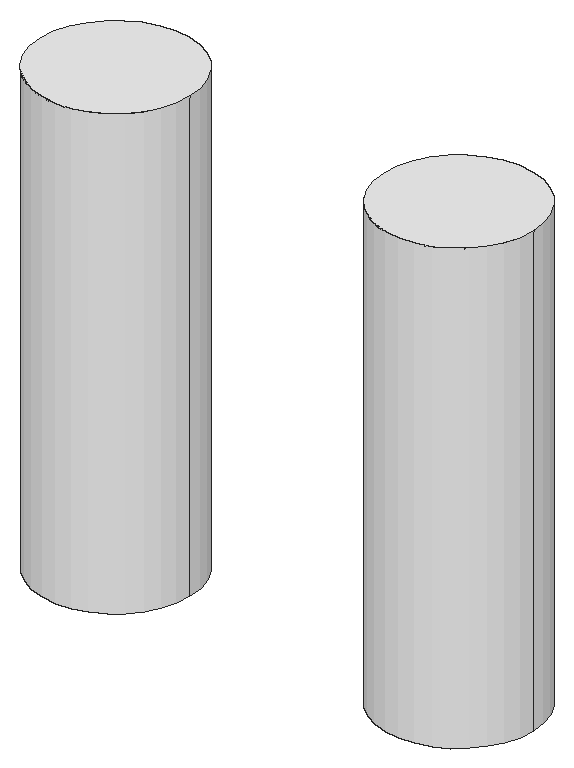
Revit family "92702219(2023)", category Plumbing Fixtures, Revit 2020
Family settings
  Round Connector Dimension = Use Diameter
  Part Type = Normal
  OmniClass Number = 23.45.55.00
  OmniClass Title = Sanitary Faucets, Wastes
  Work Plane-Based = No
  Always vertical = Yes
  Cut with Voids When Loaded = No
  Shared = No
  Room Calculation Point = No
Parameters (values of type "92702219 Washbasin faucet, 3 V, Bluetooth")
  Working Pressure = "100 - 1000 kPa"
  WarrantyStartDate [instance] = "n/a"
  WarrantyGuarantorParts = "n/a"
  WarrantyGuarantorLabor = "n/a"
  WarrantyDurationUnit = "Year"
  WarrantyDurationParts = "n/a"
  WarrantyDurationLabor = "n/a"
  WarrantyDescription = "http://warranty.hansa.com"
  Warranty Information URL = "http://warranty.hansa.com"
  VersionDate = "01/06/2023"
  Version = "1"
  ValvePattern = "n/a"
  ValveOperation = "n/a"
  ValveMechanism = "n/a"
  Uniclass2015Reference = "Pr_40_20_87_96"
  Uniclass2015Description = "Washbasin manual water supply sets"
  Uniclass2 = "Pr_40_30_96_96"
  URL WEEE = "http://static.hansa.com/WEEE/92702219"
  URL UWL = "http://static.hansa.com/UWL/92702219"
  URL REACH = "http://static.hansa.com/doc/reach"
  URL Materials Declaration = "http://www.hansa.com/fileadmin/resources/183268_92702219_materialsdeclaration.pdf"
  URL EcoLabel Declaration = "http://static.hansa.com/doc/EcoLabel"
  URL EU Packaging Declaration = "http://static.hansa.com/doc/packaging"
  URL Declaration of SCIP = "http://static.hansa.com/doc/SCIP"
  URL Declaration of Conformity = "http://static.hansa.com/DoC/92702219"
  URL Declaration of Asbestos = "http://static.hansa.com/doc/asbestos"
  URL Declaration Of Performance (DOP) = "http://static.hansa.com/doc/DoP"
  URL = ""
  UNSPSC Class Number = "30181700 Faucets or taps"
  Type Comments = ""
  TestPressure = "n/a"
  Temperature Adjustments = "Adjustable hot water stop (included, retrofittable)"
  Technical DataSheet URL = "http://www.hansa.com/datasheet/92702219/en"
  TagNumber [instance] = "n/a"
  SustainabilityPerformance = "n/a"
  Surface treatment = "Chrome"
  Spout Type = "Fixed spout"
  Spout Projection = "123 mm"
  Size = "70x170x135 mm"
  Shape = "Sculptured"
  SerialNumber [instance] = "n/a"
  Sales Package dimensions (LxWxH) = "284 x 191 x 83.5"
  Revision = "n/a"
  ReplacementCost = "n/a"
  Protection Class = "IP 55"
  ProductInformation = "n/a"
  Product URL = "http://static.hansa.com/92702219"
  Product Image URL = "http://static.hansa.com/image/92702219"
  Product Family = "HANSAELECTRA Digital"
  Product Code = "92702219"
  OperatingMechanismMaterial = "n/a"
  Operating Voltage = 39 V
  Operating Distance = "20-130 mm (110/130/160 mm)"
  NominalWidth = 68.942 mm
  NominalHeight = 135.012 mm
  NominalDepth = 167.912 mm
  Noise Class = "I (ISO 3822) "
  Name_en = "92702219 Washbasin faucet, 3 V, Bluetooth"
  Name = "92702219 Washbasin faucet, 3 V, Bluetooth"
  NBSReference = "45-35-70/371"
  NBSDescription = "Water supply fittings for wash basins and troughs"
  Mounting Holes = "1 hole"
  ModelReference = "92702219"
  ModelNumber = "n/a"
  Model = "92702219 Washbasin faucet, 3 V, Bluetooth"
  Mobile Product Information URL = "http://mpi.hansa.com/92702219"
  Mechanical Parts = "Mixing valve for manual temperature control;Non-return valve(s);Litter filter(s)"
  Max. Hot Water Supply = 70 °C
  Max Flow Period = "2 min (1 - 1800 s)"
  Material = "Brass"
  Market = "International;Germany;Austria;Switzerland;Belgium;Netherlands;Italy"
  ManufacturerURL = "http://www.hansa.com"
  ManufacturerName = "HANSA"
  Manufacturer = "HANSA"
  Long Marketing = "Electra 92 series give you a clean classic design with beautiful round body flowing into round spout design with a clear design line framing the faucet design.\nA Classic design for any installation.\n\nKey Features\nAerator with Tilt function +/- 10° for more flexible installation\nNewest Sensor technology for better detection and operation comfort\nBluetooth technology for easy adjustment to personalize settings \nAntiscalding protection\nTemperature measurement\nDigital Network Service\nBattery and power cable"
  Lever Handle = "Temperature control handle"
  Keynote = ""
  InstallationDate [instance] = "n/a"
  Installation Type = "Deck mounted"
  InletConnectionSize = 10 mm
  IfcExportType = "FAUCET"  # constant formula
  IfcExportAs = "IfcValveType"  # constant formula
  Group = "Washbasin faucet"
  Grade = "n/a"
  FlowCoefficient = 0
  Flow Rate At 300kPa With Flow Controller = 0.09 L/s
  Flow Drawing URL = "http://static.hansa.com/flowchart/92702219"
  Finish = "Polished"
  Features = "Touchless;Battery-operated;External transformer;Bluetooth®"
  FaucetMainMaterial = Brass
  FDV Document URL = "http://www.hansa.com/datasheet/92702219/en/fdv"
  ExpectedLife = "n/a"
  Electronic Parts = ";Light indicated function(s);Low battery indicator"
  Electrical Connection = "9 V"
  ETIM Class Number = "EC010340 Electronic tap"
  EN Standard = "EN 15091"
  EMC Directive = "2014/53/EU , 2011/65/EU"
  EAN Number = "4057304019456"
  DurationUnit = "Year"
  Dimension Drawing URL = "http://static.hansa.com/dimdrw/92702219"
  Description = ""
  DefaultElevation [instance] = 900 mm
  Default Elevation = 0 mm
  Constituents = "n/a"
  Connection Size = "G3/8"
  Connection = "Flexible inlet pipes"
  Color = "Chrome"
  CodePerformance = "n/a"
  CloseOffRating = 0
  Catalog Drawing URL = "http://static.hansa.com/catdrw/92702219"
  Brand = "HANSA"
  BodyMaterial = "Brass"
  Bluetooth = "5.x (D060576)"
  Battery = "AA 1.5 V Lithium x 2"
  Barcode [instance] = "n/a"
  Backflow Prevention EN1717 = "AA"
  BIMObjectName = "92702219(2023)"
  Automatic Flush Period = "30 s (1-1800 s)"
  Automatic Flush Frequency = "off (off/1-120 h)"
  Author = "BIMStone"
  AssetType = "Fixed"
  AssetIdentifier [instance] = "n/a"
  Afterflow Period = "3 s (1-20 s)"
  Aerator = "PCA® - constant flow rate regardless of pressure variations;Adjustable flow angle"
  Advanced Features = "3S-installation system for safe and simple mounting"
  AccessibilityPerformance = "n/a"
  2D/3D/BIM Files URL = "http://static.hansa.com/bim/92702219"
Reference planes
  plane 1 "Center (Front/Back)": y = 0
  plane 2: z = 0
  plane 3 "Center (Left/Right)": x = 0
  plane 4: x = -27.96
  plane 5: z = 900
  plane 6: z = 870
  plane 7: y = -167.912
  plane 8: x = 27.96
  plane 9: z = 1035.012
  plane 10: x = 40.982
Forms (mm)
  Extrusion 1, solid, material "Brass" <- "FaucetMainMaterial"
    sketch origin (0, -2.393, 0) x (1, 0, 0) y (0, 1, 0)
      loop
        circle (-11.5, -22.5) r 5
      loop
        circle (11.5, -22.5) r 5
    from 870 to 900
Dimensions and locks
  "DefaultElevation": plane 5 to level
  locked: plane 5 to plane 6 at 30
  "NominalDepth": plane 7 to plane 1 "Center (Front/Back)"
  equal spacing: plane 4, plane 3 "Center (Left/Right)", plane 8
  "NominalHeight": plane 9 to plane 5
  locked: plane 8 to plane 10 at 13.022
  "NominalWidth": plane 4 to plane 10
  "InletConnectionSize": diameter of Extrusion 1 sketch curve  (x2)
  aligned and locked: level to plane 2
  aligned and locked: plane 5 to Extrusion 1
  aligned and locked: Extrusion 1 to plane 6
  aligned and locked: plane 1 "Center (Front/Back)" to nested 2
  aligned and locked: plane 3 "Center (Left/Right)" to nested 2
  aligned and locked: plane 3 "Center (Left/Right)" to nested 1
  aligned and locked: plane 1 "Center (Front/Back)" to nested 1
  aligned and locked: plane 5 to nested 2
Automatic sketch dimensions
  Extrusion 1 sketch curve to plane 3 "Center (Left/Right)" = 11.5 mm
  plane 3 "Center (Left/Right)" to Extrusion 1 sketch curve = 11.5 mm
  plane 1 "Center (Front/Back)" to Extrusion 1 sketch curve = 24.893 mm
  Extrusion 1 sketch curve to Extrusion 1 sketch curve = 0 mm
Nested families
  nested 1: "Symbol" at (0, 0, 0), type "Symbol", detail levels coarse
  nested 2: "92702219(2023)_Body" at (0, 0, 900), Material <- "FaucetMainMaterial", type "92702219(2023)_Body"
    with Material Brass
Connectors
  piping at (-11.5, -24.893, 870), diameter 10, driven by "InletConnectionSize"
    settings: on Extrusion 1, index 1, connector inside diameter 609.6 mm, connector length 0 mm, flow factor 0, pipe flow 0.2 L/s, pressure drop 0.0 Pa, fitting loss kfactor 0, connector angle 0.00°, fixture units 0, engagement length 0 mm, angle of deflection 0.00°, flow configuration 1, flow direction 1, fitting loss method 0, system type 19, joint type 0, gender type 0, connector reference index -1, connector utility 0, adjustable connector no, is connector primary yes, connector description ""
  piping at (11.5, -24.893, 870), diameter 10, driven by "InletConnectionSize"
    settings: on Extrusion 1, index 2, connector inside diameter 609.6 mm, connector length 0 mm, flow factor 0, pipe flow 0.2 L/s, pressure drop 0.0 Pa, fitting loss kfactor 0, connector angle 0.00°, fixture units 0, engagement length 0 mm, angle of deflection 0.00°, flow configuration 1, flow direction 1, fitting loss method 0, system type 20, joint type 0, gender type 0, connector reference index -1, connector utility 0, adjustable connector no, is connector primary no, connector description ""
Definition of nested family "Symbol"
  Reference planes
    plane 1: y = 0
    plane 2: x = 0
  Lines and regions (mm)
    detail lines
      curve 1: line (0, 0, 0) -> (0, -1.8, 0)
      curve 2: line (-0.4, -1.1, 0) -> (0.4, -1.1, 0)
      curve 3: line (-0.4, -1.4, 0) -> (0.4, -1.4, 0)
      curve 4: line (0.863, 0, 0) -> (-0.863, 0, 0)
      curve 5: circle (-1.163, 0, 0) r 0.3 normal (0, 0, -1)
      curve 6: circle (1.163, 0, 0) r 0.3 normal (0, 0, 1)
